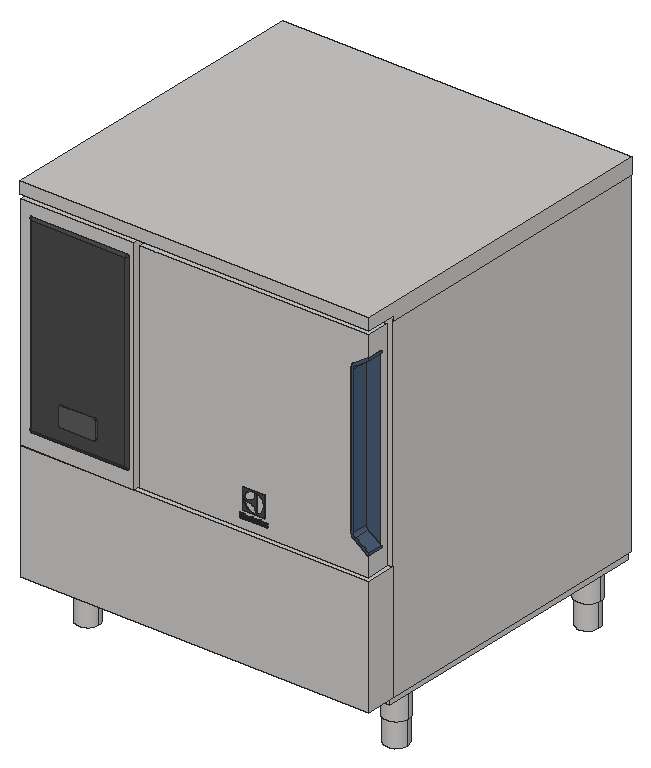
Revit family "QF_ELECTROLUXPROFESSIONAL_725583_EBFA61THE", category Specialty Equipment, Revit 2023
Family settings
  Round Connector Dimension = Use Diameter
  Part Type = Normal
  Work Plane-Based = No
  Enable Cutting in Views = No
  Always vertical = Yes
  Cut with Voids When Loaded = No
  Maintain Annotation Orientation = No
  Shared = No
  Room Calculation Point = No
Parameters
  Weight = 175.00 kg
  Watts = 0 W
  Volts = 380 V
  URL Manufacturer = "http://www.electroluxprofessional.com"
  URL = "http://www.electroluxprofessional.com"
  Steam Supply Size = 0 mm
  Steam Supply Minimum Pressure = 0.0 Pa
  Steam Supply Maximum Pressure = 0.0 Pa
  Steam Pounds per Hour = 0
  Show Logo [instance] = yes
  Show Clearance [instance] = yes
  Refrigeration Suction Line Size = 0 mm
  Refrigeration Liquid Line Size = 0 mm
  Refrigerant Compressor Remote = yes
  Manufacturer = "Electrolux Professional"
  Phase = 3
  Model = "EBFA61THE"
  Length Actual = 897 mm
  Item Number = "725583"
  Hot Water Size = 0 mm
  Height Actual = 1060 mm
  HP = "3.6 HP"
  Gas Size = 0 mm
  Gas KW = 0
  Gas Input Pressure = 0 W
  Direct Waste Size = 139.7 mm
  Description = "SKYLINE CHILLS BLAST CHILLER FREEZER 30/30KG 6 GN 1/1 - WITH TOP - LEFT HINGED DOOR - R290"
  Depth Actual = 937 mm
  Default Elevation = 0 mm
  Cycle = 50 Hz
  Condensate Return Size = 0 mm
  Compressed Air Volume = 0.0 L/s
  Compressed Air Size = 0 mm
  Compressed Air Pressure = 0.0 Pa
  Cold Water Size = 0 mm
  Accessory = no
Reference planes
  plane 1 "Center X": y = 126.851
  plane 2: z = 0
  plane 3 "Center Y": x = -311.5
  plane 4 "LEFT": x = -760
  plane 5 "BACK": y = 548.851
  plane 6 "RIGHT": x = 137
  plane 7 "FRONT": y = -295.149
  plane 8: z = 130
  plane 9 "TOP": z = 1060.038
  plane 10: x = -708
  plane 11: y = 473.851
  plane 12: x = 85
  plane 13: y = -142.149
  plane 14: z = 1020.038
  plane 15: y = 641.851
  plane 16: y = -847.149
Forms (mm)
  Extrusion 1, solid, material "QF_Finishes_Stainless Steel"
    sketch origin (0, 0, 1060.038) x (-1, 0, 0) y (0, -1, 0)
      loop
        line (759, -548.851) -> (759, 216.149) -> (-136, 216.149) -> (-136, -548.851) -> (759, -548.851)
    from -40 to -910.018
  Extrusion 2, void
    sketch origin (-759, -216.149, 1060.038) x (-1, 0, 0) y (0, 0, 1)
      loop
        line (-370.8, -100) -> (-826.8, -100) -> (-826.8, -491.98) -> (-370.8, -491.98) -> (-370.8, -100)
    from 0 to 703
  Extrusion 3, solid, material "QF_Finishes_Stainless Steel"
    sketch origin (-760, -0.954, 0) x (0, 1, 0) y (0, 0, 1)
      loop
        line (549.805, 694.306) -> (549.805, 392.314) -> (635.5, 399.789)
        arc (635.5, 399.789) -> (640.702, 402.354) -> (642.805, 407.759) r 8
        line (642.805, 407.759) -> (642.805, 433.233)
        arc (642.805, 433.233) -> (638.783, 442.547) -> (642.805, 451.86) r 12.795
        line (642.805, 451.86) -> (642.805, 483.24)
        arc (642.805, 483.24) -> (638.783, 492.554) -> (642.805, 501.867) r 12.795
        line (642.805, 501.867) -> (642.805, 533.247)
        arc (642.805, 533.247) -> (638.783, 542.56) -> (642.805, 551.874) r 12.795
        line (642.805, 551.874) -> (642.805, 583.254)
        arc (642.805, 583.254) -> (638.783, 592.567) -> (642.805, 601.881) r 12.795
        line (642.805, 601.881) -> (642.805, 634.796)
        arc (642.805, 634.796) -> (641.466, 639.795) -> (637.808, 643.455) r 10
        line (637.808, 643.455) -> (549.805, 694.306)
    from 123.244 to 306.92
  Extrusion 4, solid, material "QF_Finishes_Stainless Steel"
    sketch origin (-817.599, 548.851, 1060.038) x (1, 0, 0) y (0, 0, -1)
      loop
        circle (121.599, 802.038) r 10.5
    from 0 to 29
  Extrusion 5, solid, material "QF_Finishes_Stainless Steel"
    sketch origin (0, 0, 1060.038) x (-1, 0, 0) y (0, -1, 0)
      loop
        line (759, 295.149) -> (467.2, 295.149) -> (467.2, 217.149) -> (759, 217.149) -> (759, 295.149)
    from -40 to -607
  Extrusion 6, solid, material "QF_Finishes_Stainless Steel"
    sketch origin (-1206.916, -1524, 130) x (-1, 0, 0) y (0, -1, 0)
      loop
        line (-447.916, -1228.851) -> (-1342.916, -1228.851) -> (-1342.916, -1306.851) -> (-447.916, -1306.851) -> (-447.916, -1228.851)
    from 322 to 20.02
  Extrusion 7, solid, material "QF_Finishes_Stainless Steel"
    sketch origin (-311.5, 0, 0) x (0, 1, 0) y (0, 0, 1)
      loop
        line (548.851, 1060.038) -> (-295.149, 1060.038) -> (-295.149, 1030.034) -> (-216.149, 1030.034) -> (-216.149, 1020.038) -> (548.851, 1020.038) -> (548.851, 1060.038)
    from -448.5 to 448.5
  Extrusion 8, solid, material "QF_Finishes_Stainless Steel"
    sketch origin (0, 0, 1060.038) x (-1, 0, 0) y (0, -1, 0)
      loop
        line (748.993, -548.851) -> (748.993, 214.216) -> (-125.993, 214.216) -> (-125.993, -548.851) -> (748.993, -548.851)
    from -910.018 to -930.038
  Extrusion 9, solid, material "QF_Finishes_Stainless Steel"
    sketch origin (0, 0, 130) x (0, -1, 0) y (-1, 0, 0)
      loop
        circle (-215.851, 360) r 9.5
    from 0 to 31.68
  Extrusion 10, void
    sketch origin (0, 0, 1060.038) x (-1, 0, 0) y (0, -1, 0)
      loop
        line (627.033, -641.851) -> (636.756, -641.851) -> (636.756, -548.851) -> (635.125, -548.851) -> (627.033, -641.851)
      loop
        line (454.711, -548.851) -> (453.08, -548.851) -> (453.08, -641.851) -> (462.803, -641.851) -> (454.711, -548.851)
    from -673 to -363
  Extrusion 11, solid, material "QF_Finishes_Stainless Steel"
    sketch origin (-315.205, -295.149, 0) x (1, 0, 0) y (0, 0, -1)
      loop
        line (451.2, -1020.033) -> (451.2, -968.898) -> (414.947, -944.816)
        arc (414.947, -944.816) -> (408.716, -937.969) -> (406.46, -928.989) r 19
        line (406.46, -928.989) -> (406.46, -554.076)
        arc (406.46, -554.076) -> (408.839, -544.616) -> (415.41, -537.406) r 20
        line (415.41, -537.406) -> (451.2, -513.683) -> (451.2, -462.497) -> (-135.995, -462.497) -> (-135.995, -1020.033) -> (451.2, -1020.033)
    from 0 to 60
  Extrusion 12, solid, material "QF_Finishes_Stainless Steel"
    sketch origin (-315.205, -235.149, 0) x (1, 0, 0) y (0, 0, -1)
      loop
        line (406.46, -554.076) -> (406.46, -928.989)
        arc (406.46, -928.989) -> (408.716, -937.969) -> (414.947, -944.816) r 19
        line (414.947, -944.816) -> (451.2, -968.898) -> (451.2, -513.683) -> (415.41, -537.406)
        arc (415.41, -537.406) -> (408.839, -544.616) -> (406.46, -554.076) r 20
    from -21 to 0
  Extrusion 13, solid, material "QF_Finishes_Electrolux_Blue"
    sketch origin (-315.205, -295.149, 0) x (-1, 0, 0) y (0, 0, -1)
      loop
        line (-451.2, -968.898) -> (-414.947, -944.816)
        arc (-414.947, -944.816) -> (-408.716, -937.969) -> (-406.46, -928.989) r 19
        line (-406.46, -928.989) -> (-406.46, -554.076)
        arc (-406.46, -554.076) -> (-408.839, -544.616) -> (-415.41, -537.406) r 20
        line (-415.41, -537.406) -> (-451.2, -513.683) -> (-453.7, -513.683) -> (-453.7, -519.824) -> (-419.001, -542.824)
        arc (-419.001, -542.824) -> (-414.566, -547.691) -> (-412.96, -554.076) r 13.5
        line (-412.96, -554.076) -> (-412.96, -928.989)
        arc (-412.96, -928.989) -> (-414.444, -934.897) -> (-418.543, -939.401) r 12.5
        line (-418.543, -939.401) -> (-453.7, -962.755) -> (-453.7, -968.898) -> (-451.2, -968.898)
    from -39 to 1
  Extrusion 14, solid, material "QF_Door-Drawer Clearances", visible <- "Show Clearance", detail levels coarse
    sketch origin (-458.205, -393.449, 0) x (0, -1, 0) y (0, 0, -1)
      loop
        line (451.2, -1020.033) -> (451.2, -968.898) -> (414.947, -944.816)
        arc (414.947, -944.816) -> (408.716, -937.969) -> (406.46, -928.989) r 19
        line (406.46, -928.989) -> (406.46, -554.076)
        arc (406.46, -554.076) -> (408.839, -544.616) -> (415.41, -537.406) r 20
        line (415.41, -537.406) -> (451.2, -513.683) -> (451.2, -462.497) -> (-98.3, -462.497) -> (-98.3, -1020.033) -> (451.2, -1020.033)
    from 0 to 60
  Extrusion 15, solid, material "QF_Door-Drawer Clearances", visible <- "Show Clearance", detail levels coarse
    sketch origin (-398.205, -393.449, 0) x (0, -1, 0) y (0, 0, -1)
      loop
        line (406.46, -554.076) -> (406.46, -928.989)
        arc (406.46, -928.989) -> (408.716, -937.969) -> (414.947, -944.816) r 19
        line (414.947, -944.816) -> (451.2, -968.898) -> (451.2, -513.683) -> (415.41, -537.406)
        arc (415.41, -537.406) -> (408.839, -544.616) -> (406.46, -554.076) r 20
    from -21 to 0
  Extrusion 16, solid, material "QF_Door-Drawer Clearances", visible <- "Show Clearance", detail levels coarse
    sketch origin (-458.205, -393.449, 0) x (0, 1, 0) y (0, 0, -1)
      loop
        line (-451.2, -968.898) -> (-414.947, -944.816)
        arc (-414.947, -944.816) -> (-408.716, -937.969) -> (-406.46, -928.989) r 19
        line (-406.46, -928.989) -> (-406.46, -554.076)
        arc (-406.46, -554.076) -> (-408.839, -544.616) -> (-415.41, -537.406) r 20
        line (-415.41, -537.406) -> (-451.2, -513.683) -> (-453.7, -513.683) -> (-453.7, -519.824) -> (-419.001, -542.824)
        arc (-419.001, -542.824) -> (-414.566, -547.691) -> (-412.96, -554.076) r 13.5
        line (-412.96, -554.076) -> (-412.96, -928.989)
        arc (-412.96, -928.989) -> (-414.444, -934.897) -> (-418.543, -939.401) r 12.5
        line (-418.543, -939.401) -> (-453.7, -962.755) -> (-453.7, -968.898) -> (-451.2, -968.898)
    from -39 to 1
  Extrusion 17, solid, material "QF_Door-Drawer Clearances", visible <- "Show Clearance", detail levels coarse
    sketch origin (-315.205, 0, 1060.038) x (1, 0, 0) y (0, 1, 0)
      loop
        line (-83, -295.149) -> (-83, -844.649)
        arc (-83, -844.649) -> (290.883, -673.709) -> (451.2, -295.149) r 567.425
        line (451.2, -295.149) -> (-83, -295.149)
    from -597.541 to -40
Cuts and joins
  Extrusion 2 cuts Extrusion 1
  Extrusion 10 cuts Extrusion 3
  joined: Extrusion 1, Extrusion 3, Extrusion 4, Extrusion 7, Extrusion 8, Extrusion 9
  joined: Extrusion 11, Extrusion 12
  joined: Extrusion 14, Extrusion 15, Extrusion 16, Extrusion 17
Lines and regions (mm)
  Split face 1
    outline origin (-489, -295.149, 130) x (-1, 0, 0) y (0, 0, -1)
      loop
        line (-132.388, -290.639) -> (-22.373, -290.639) -> (-22.373, -285.612) -> (-132.388, -285.612) -> (-132.388, -290.639)
  Split face 2
    outline origin (-489, -295.149, 120.528) x (-1, 0, 0) y (0, 0, -1)
      loop
        line (-132.388, -290.639) -> (-22.373, -290.639) -> (-22.373, -285.612) -> (-132.388, -285.612) -> (-132.388, -290.639)
  Split face 3
    outline origin (-489, -295.149, 111.056) x (-1, 0, 0) y (0, 0, -1)
      loop
        line (-132.388, -290.639) -> (-22.373, -290.639) -> (-22.373, -285.612) -> (-132.388, -285.612) -> (-132.388, -290.639)
  Split face 4
    outline origin (-489, -295.149, 101.583) x (-1, 0, 0) y (0, 0, -1)
      loop
        line (-132.388, -290.639) -> (-22.373, -290.639) -> (-22.373, -285.612) -> (-132.388, -285.612) -> (-132.388, -290.639)
  Split face 5
    outline origin (-489, -295.149, 92.111) x (-1, 0, 0) y (0, 0, -1)
      loop
        line (-132.388, -290.639) -> (-22.373, -290.639) -> (-22.373, -285.612) -> (-132.388, -285.612) -> (-132.388, -290.639)
  Split face 6
    outline origin (-489, -295.149, 82.639) x (-1, 0, 0) y (0, 0, -1)
      loop
        line (-132.388, -290.639) -> (-22.373, -290.639) -> (-22.373, -285.612) -> (-132.388, -285.612) -> (-132.388, -290.639)
  Split face 7
    outline origin (-489, -295.149, 73.167) x (-1, 0, 0) y (0, 0, -1)
      loop
        line (-132.388, -290.639) -> (-22.373, -290.639) -> (-22.373, -285.612) -> (-132.388, -285.612) -> (-132.388, -290.639)
  Split face 8
    outline origin (-489, -295.149, 63.695) x (-1, 0, 0) y (0, 0, -1)
      loop
        line (-132.388, -290.639) -> (-22.373, -290.639) -> (-22.373, -285.612) -> (-132.388, -285.612) -> (-132.388, -290.639)
  Split face 9
    outline origin (-489, -295.149, 54.223) x (-1, 0, 0) y (0, 0, -1)
      loop
        line (-132.388, -290.639) -> (-22.373, -290.639) -> (-22.373, -285.612) -> (-132.388, -285.612) -> (-132.388, -290.639)
  Split face 10
    outline origin (-489, -295.149, 44.75) x (-1, 0, 0) y (0, 0, -1)
      loop
        line (-132.388, -290.639) -> (-22.373, -290.639) -> (-22.373, -285.612) -> (-132.388, -285.612) -> (-132.388, -290.639)
  Split face 11
    outline origin (-489, -295.149, 35.278) x (-1, 0, 0) y (0, 0, -1)
      loop
        line (-132.388, -290.639) -> (-22.373, -290.639) -> (-22.373, -285.612) -> (-132.388, -285.612) -> (-132.388, -290.639)
  Split face 12
    outline origin (-489, -295.149, 25.806) x (-1, 0, 0) y (0, 0, -1)
      loop
        line (-132.388, -290.639) -> (-22.373, -290.639) -> (-22.373, -285.612) -> (-132.388, -285.612) -> (-132.388, -290.639)
  Split face 13
    outline origin (-489, -295.149, 16.334) x (-1, 0, 0) y (0, 0, -1)
      loop
        line (-132.388, -290.639) -> (-22.373, -290.639) -> (-22.373, -285.612) -> (-132.388, -285.612) -> (-132.388, -290.639)
  Split face 14
    outline origin (-489, -295.149, 6.862) x (-1, 0, 0) y (0, 0, -1)
      loop
        line (-132.388, -290.639) -> (-22.373, -290.639) -> (-22.373, -285.612) -> (-132.388, -285.612) -> (-132.388, -290.639)
  Split face 15
    outline origin (-489, -295.149, -2.611) x (-1, 0, 0) y (0, 0, -1)
      loop
        line (-132.388, -290.639) -> (-22.373, -290.639) -> (-22.373, -285.612) -> (-132.388, -285.612) -> (-132.388, -290.639)
  Split face 16
    outline origin (-489, -295.149, -12.083) x (-1, 0, 0) y (0, 0, -1)
      loop
        line (-132.388, -290.639) -> (-22.373, -290.639) -> (-22.373, -285.612) -> (-132.388, -285.612) -> (-132.388, -290.639)
  Split face 17
    outline origin (-489, -295.149, -21.555) x (-1, 0, 0) y (0, 0, -1)
      loop
        line (-132.388, -290.639) -> (-22.373, -290.639) -> (-22.373, -285.612) -> (-132.388, -285.612) -> (-132.388, -290.639)
  Split face 18
    outline origin (-489, -295.149, -31.027) x (-1, 0, 0) y (0, 0, -1)
      loop
        line (-132.388, -290.639) -> (-22.373, -290.639) -> (-22.373, -285.612) -> (-132.388, -285.612) -> (-132.388, -290.639)
  Split face 19
    outline origin (-489, -295.149, -40.499) x (-1, 0, 0) y (0, 0, -1)
      loop
        line (-132.388, -290.639) -> (-22.373, -290.639) -> (-22.373, -285.612) -> (-132.388, -285.612) -> (-132.388, -290.639)
  Split face 20
    outline origin (-489, -295.149, -49.972) x (-1, 0, 0) y (0, 0, -1)
      loop
        line (-132.388, -290.639) -> (-22.373, -290.639) -> (-22.373, -285.612) -> (-132.388, -285.612) -> (-132.388, -290.639)
  Split face 21
    outline origin (-489, -295.149, -59.444) x (-1, 0, 0) y (0, 0, -1)
      loop
        line (-132.388, -290.639) -> (-22.373, -290.639) -> (-22.373, -285.612) -> (-132.388, -285.612) -> (-132.388, -290.639)
  Split face 22
    outline origin (-489, -295.149, -68.916) x (-1, 0, 0) y (0, 0, -1)
      loop
        line (-132.388, -290.639) -> (-22.373, -290.639) -> (-22.373, -285.612) -> (-132.388, -285.612) -> (-132.388, -290.639)
  Split face 23
    outline origin (-489, -295.149, -78.388) x (-1, 0, 0) y (0, 0, -1)
      loop
        line (-132.388, -290.639) -> (-22.373, -290.639) -> (-22.373, -285.612) -> (-132.388, -285.612) -> (-132.388, -290.639)
  Split face 24
    outline origin (-489, -295.149, -87.86) x (-1, 0, 0) y (0, 0, -1)
      loop
        line (-132.388, -290.639) -> (-22.373, -290.639) -> (-22.373, -285.612) -> (-132.388, -285.612) -> (-132.388, -290.639)
  Split face 25
    outline origin (-489, -295.149, -97.332) x (-1, 0, 0) y (0, 0, -1)
      loop
        line (-132.388, -290.639) -> (-22.373, -290.639) -> (-22.373, -285.612) -> (-132.388, -285.612) -> (-132.388, -290.639)
  Split face 26
    outline origin (-489, -295.149, -106.805) x (-1, 0, 0) y (0, 0, -1)
      loop
        line (-132.388, -290.639) -> (-22.373, -290.639) -> (-22.373, -285.612) -> (-132.388, -285.612) -> (-132.388, -290.639)
  Split face 27
    outline origin (-373.984, -295.149, 130) x (-1, 0, 0) y (0, 0, -1)
      loop
        line (-132.388, -290.639) -> (-22.373, -290.639) -> (-22.373, -285.612) -> (-132.388, -285.612) -> (-132.388, -290.639)
  Split face 28
    outline origin (-373.984, -295.149, 120.528) x (-1, 0, 0) y (0, 0, -1)
      loop
        line (-132.388, -290.639) -> (-22.373, -290.639) -> (-22.373, -285.612) -> (-132.388, -285.612) -> (-132.388, -290.639)
  Split face 29
    outline origin (-373.984, -295.149, 111.056) x (-1, 0, 0) y (0, 0, -1)
      loop
        line (-132.388, -290.639) -> (-22.373, -290.639) -> (-22.373, -285.612) -> (-132.388, -285.612) -> (-132.388, -290.639)
  Split face 30
    outline origin (-373.984, -295.149, 101.583) x (-1, 0, 0) y (0, 0, -1)
      loop
        line (-132.388, -290.639) -> (-22.373, -290.639) -> (-22.373, -285.612) -> (-132.388, -285.612) -> (-132.388, -290.639)
  Split face 31
    outline origin (-373.984, -295.149, 92.111) x (-1, 0, 0) y (0, 0, -1)
      loop
        line (-132.388, -290.639) -> (-22.373, -290.639) -> (-22.373, -285.612) -> (-132.388, -285.612) -> (-132.388, -290.639)
  Split face 32
    outline origin (-373.984, -295.149, 82.639) x (-1, 0, 0) y (0, 0, -1)
      loop
        line (-132.388, -290.639) -> (-22.373, -290.639) -> (-22.373, -285.612) -> (-132.388, -285.612) -> (-132.388, -290.639)
  Split face 33
    outline origin (-373.984, -295.149, 73.167) x (-1, 0, 0) y (0, 0, -1)
      loop
        line (-132.388, -290.639) -> (-22.373, -290.639) -> (-22.373, -285.612) -> (-132.388, -285.612) -> (-132.388, -290.639)
  Split face 34
    outline origin (-373.984, -295.149, 63.695) x (-1, 0, 0) y (0, 0, -1)
      loop
        line (-132.388, -290.639) -> (-22.373, -290.639) -> (-22.373, -285.612) -> (-132.388, -285.612) -> (-132.388, -290.639)
  Split face 35
    outline origin (-373.984, -295.149, 54.223) x (-1, 0, 0) y (0, 0, -1)
      loop
        line (-132.388, -290.639) -> (-22.373, -290.639) -> (-22.373, -285.612) -> (-132.388, -285.612) -> (-132.388, -290.639)
  Split face 36
    outline origin (-373.984, -295.149, 44.75) x (-1, 0, 0) y (0, 0, -1)
      loop
        line (-132.388, -290.639) -> (-22.373, -290.639) -> (-22.373, -285.612) -> (-132.388, -285.612) -> (-132.388, -290.639)
  Split face 37
    outline origin (-373.984, -295.149, 35.278) x (-1, 0, 0) y (0, 0, -1)
      loop
        line (-132.388, -290.639) -> (-22.373, -290.639) -> (-22.373, -285.612) -> (-132.388, -285.612) -> (-132.388, -290.639)
  Split face 38
    outline origin (-373.984, -295.149, 25.806) x (-1, 0, 0) y (0, 0, -1)
      loop
        line (-132.388, -290.639) -> (-22.373, -290.639) -> (-22.373, -285.612) -> (-132.388, -285.612) -> (-132.388, -290.639)
  Split face 39
    outline origin (-373.984, -295.149, 16.334) x (-1, 0, 0) y (0, 0, -1)
      loop
        line (-132.388, -290.639) -> (-22.373, -290.639) -> (-22.373, -285.612) -> (-132.388, -285.612) -> (-132.388, -290.639)
  Split face 40
    outline origin (-373.984, -295.149, 6.862) x (-1, 0, 0) y (0, 0, -1)
      loop
        line (-132.388, -290.639) -> (-22.373, -290.639) -> (-22.373, -285.612) -> (-132.388, -285.612) -> (-132.388, -290.639)
  Split face 41
    outline origin (-373.984, -295.149, -2.611) x (-1, 0, 0) y (0, 0, -1)
      loop
        line (-132.388, -290.639) -> (-22.373, -290.639) -> (-22.373, -285.612) -> (-132.388, -285.612) -> (-132.388, -290.639)
  Split face 42
    outline origin (-373.984, -295.149, -12.083) x (-1, 0, 0) y (0, 0, -1)
      loop
        line (-132.388, -290.639) -> (-22.373, -290.639) -> (-22.373, -285.612) -> (-132.388, -285.612) -> (-132.388, -290.639)
  Split face 43
    outline origin (-373.984, -295.149, -21.555) x (-1, 0, 0) y (0, 0, -1)
      loop
        line (-132.388, -290.639) -> (-22.373, -290.639) -> (-22.373, -285.612) -> (-132.388, -285.612) -> (-132.388, -290.639)
  Split face 44
    outline origin (-373.984, -295.149, -31.027) x (-1, 0, 0) y (0, 0, -1)
      loop
        line (-132.388, -290.639) -> (-22.373, -290.639) -> (-22.373, -285.612) -> (-132.388, -285.612) -> (-132.388, -290.639)
  Split face 45
    outline origin (-373.984, -295.149, -40.499) x (-1, 0, 0) y (0, 0, -1)
      loop
        line (-132.388, -290.639) -> (-22.373, -290.639) -> (-22.373, -285.612) -> (-132.388, -285.612) -> (-132.388, -290.639)
  Split face 46
    outline origin (-373.984, -295.149, -49.972) x (-1, 0, 0) y (0, 0, -1)
      loop
        line (-132.388, -290.639) -> (-22.373, -290.639) -> (-22.373, -285.612) -> (-132.388, -285.612) -> (-132.388, -290.639)
  Split face 47
    outline origin (-373.984, -295.149, -59.444) x (-1, 0, 0) y (0, 0, -1)
      loop
        line (-132.388, -290.639) -> (-22.373, -290.639) -> (-22.373, -285.612) -> (-132.388, -285.612) -> (-132.388, -290.639)
  Split face 48
    outline origin (-373.984, -295.149, -68.916) x (-1, 0, 0) y (0, 0, -1)
      loop
        line (-132.388, -290.639) -> (-22.373, -290.639) -> (-22.373, -285.612) -> (-132.388, -285.612) -> (-132.388, -290.639)
  Split face 49
    outline origin (-373.984, -295.149, -78.388) x (-1, 0, 0) y (0, 0, -1)
      loop
        line (-132.388, -290.639) -> (-22.373, -290.639) -> (-22.373, -285.612) -> (-132.388, -285.612) -> (-132.388, -290.639)
  Split face 50
    outline origin (-373.984, -295.149, -87.86) x (-1, 0, 0) y (0, 0, -1)
      loop
        line (-132.388, -290.639) -> (-22.373, -290.639) -> (-22.373, -285.612) -> (-132.388, -285.612) -> (-132.388, -290.639)
  Split face 51
    outline origin (-373.984, -295.149, -97.332) x (-1, 0, 0) y (0, 0, -1)
      loop
        line (-132.388, -290.639) -> (-22.373, -290.639) -> (-22.373, -285.612) -> (-132.388, -285.612) -> (-132.388, -290.639)
  Split face 52
    outline origin (-373.984, -295.149, -106.805) x (-1, 0, 0) y (0, 0, -1)
      loop
        line (-132.388, -290.639) -> (-22.373, -290.639) -> (-22.373, -285.612) -> (-132.388, -285.612) -> (-132.388, -290.639)
  Split face 53
    outline origin (-258.969, -295.149, 130) x (-1, 0, 0) y (0, 0, -1)
      loop
        line (-132.388, -290.639) -> (-22.373, -290.639) -> (-22.373, -285.612) -> (-132.388, -285.612) -> (-132.388, -290.639)
  Split face 54
    outline origin (-258.969, -295.149, 120.528) x (-1, 0, 0) y (0, 0, -1)
      loop
        line (-132.388, -290.639) -> (-22.373, -290.639) -> (-22.373, -285.612) -> (-132.388, -285.612) -> (-132.388, -290.639)
  Split face 55
    outline origin (-258.969, -295.149, 111.056) x (-1, 0, 0) y (0, 0, -1)
      loop
        line (-132.388, -290.639) -> (-22.373, -290.639) -> (-22.373, -285.612) -> (-132.388, -285.612) -> (-132.388, -290.639)
  Split face 56
    outline origin (-258.969, -295.149, 101.583) x (-1, 0, 0) y (0, 0, -1)
      loop
        line (-132.388, -290.639) -> (-22.373, -290.639) -> (-22.373, -285.612) -> (-132.388, -285.612) -> (-132.388, -290.639)
  Split face 57
    outline origin (-258.969, -295.149, 92.111) x (-1, 0, 0) y (0, 0, -1)
      loop
        line (-132.388, -290.639) -> (-22.373, -290.639) -> (-22.373, -285.612) -> (-132.388, -285.612) -> (-132.388, -290.639)
  Split face 58
    outline origin (-258.969, -295.149, 82.639) x (-1, 0, 0) y (0, 0, -1)
      loop
        line (-132.388, -290.639) -> (-22.373, -290.639) -> (-22.373, -285.612) -> (-132.388, -285.612) -> (-132.388, -290.639)
  Split face 59
    outline origin (-258.969, -295.149, 73.167) x (-1, 0, 0) y (0, 0, -1)
      loop
        line (-132.388, -290.639) -> (-22.373, -290.639) -> (-22.373, -285.612) -> (-132.388, -285.612) -> (-132.388, -290.639)
  Split face 60
    outline origin (-258.969, -295.149, 63.695) x (-1, 0, 0) y (0, 0, -1)
      loop
        line (-132.388, -290.639) -> (-22.373, -290.639) -> (-22.373, -285.612) -> (-132.388, -285.612) -> (-132.388, -290.639)
  Split face 61
    outline origin (-258.969, -295.149, 54.223) x (-1, 0, 0) y (0, 0, -1)
      loop
        line (-132.388, -290.639) -> (-22.373, -290.639) -> (-22.373, -285.612) -> (-132.388, -285.612) -> (-132.388, -290.639)
  Split face 62
    outline origin (-258.969, -295.149, 44.75) x (-1, 0, 0) y (0, 0, -1)
      loop
        line (-132.388, -290.639) -> (-22.373, -290.639) -> (-22.373, -285.612) -> (-132.388, -285.612) -> (-132.388, -290.639)
  Split face 63
    outline origin (-258.969, -295.149, 35.278) x (-1, 0, 0) y (0, 0, -1)
      loop
        line (-132.388, -290.639) -> (-22.373, -290.639) -> (-22.373, -285.612) -> (-132.388, -285.612) -> (-132.388, -290.639)
  Split face 64
    outline origin (-258.969, -295.149, 25.806) x (-1, 0, 0) y (0, 0, -1)
      loop
        line (-132.388, -290.639) -> (-22.373, -290.639) -> (-22.373, -285.612) -> (-132.388, -285.612) -> (-132.388, -290.639)
  Split face 65
    outline origin (-258.969, -295.149, 16.334) x (-1, 0, 0) y (0, 0, -1)
      loop
        line (-132.388, -290.639) -> (-22.373, -290.639) -> (-22.373, -285.612) -> (-132.388, -285.612) -> (-132.388, -290.639)
  Split face 66
    outline origin (-258.969, -295.149, 6.862) x (-1, 0, 0) y (0, 0, -1)
      loop
        line (-132.388, -290.639) -> (-22.373, -290.639) -> (-22.373, -285.612) -> (-132.388, -285.612) -> (-132.388, -290.639)
  Split face 67
    outline origin (-258.969, -295.149, -2.611) x (-1, 0, 0) y (0, 0, -1)
      loop
        line (-132.388, -290.639) -> (-22.373, -290.639) -> (-22.373, -285.612) -> (-132.388, -285.612) -> (-132.388, -290.639)
  Split face 68
    outline origin (-258.969, -295.149, -12.083) x (-1, 0, 0) y (0, 0, -1)
      loop
        line (-132.388, -290.639) -> (-22.373, -290.639) -> (-22.373, -285.612) -> (-132.388, -285.612) -> (-132.388, -290.639)
  Split face 69
    outline origin (-258.969, -295.149, -21.555) x (-1, 0, 0) y (0, 0, -1)
      loop
        line (-132.388, -290.639) -> (-22.373, -290.639) -> (-22.373, -285.612) -> (-132.388, -285.612) -> (-132.388, -290.639)
  Split face 70
    outline origin (-258.969, -295.149, -31.027) x (-1, 0, 0) y (0, 0, -1)
      loop
        line (-132.388, -290.639) -> (-22.373, -290.639) -> (-22.373, -285.612) -> (-132.388, -285.612) -> (-132.388, -290.639)
  Split face 71
    outline origin (-258.969, -295.149, -40.499) x (-1, 0, 0) y (0, 0, -1)
      loop
        line (-132.388, -290.639) -> (-22.373, -290.639) -> (-22.373, -285.612) -> (-132.388, -285.612) -> (-132.388, -290.639)
  Split face 72
    outline origin (-258.969, -295.149, -49.972) x (-1, 0, 0) y (0, 0, -1)
      loop
        line (-132.388, -290.639) -> (-22.373, -290.639) -> (-22.373, -285.612) -> (-132.388, -285.612) -> (-132.388, -290.639)
  Split face 73
    outline origin (-258.969, -295.149, -59.444) x (-1, 0, 0) y (0, 0, -1)
      loop
        line (-132.388, -290.639) -> (-22.373, -290.639) -> (-22.373, -285.612) -> (-132.388, -285.612) -> (-132.388, -290.639)
  Split face 74
    outline origin (-258.969, -295.149, -68.916) x (-1, 0, 0) y (0, 0, -1)
      loop
        line (-132.388, -290.639) -> (-22.373, -290.639) -> (-22.373, -285.612) -> (-132.388, -285.612) -> (-132.388, -290.639)
  Split face 75
    outline origin (-258.969, -295.149, -78.388) x (-1, 0, 0) y (0, 0, -1)
      loop
        line (-132.388, -290.639) -> (-22.373, -290.639) -> (-22.373, -285.612) -> (-132.388, -285.612) -> (-132.388, -290.639)
  Split face 76
    outline origin (-258.969, -295.149, -87.86) x (-1, 0, 0) y (0, 0, -1)
      loop
        line (-132.388, -290.639) -> (-22.373, -290.639) -> (-22.373, -285.612) -> (-132.388, -285.612) -> (-132.388, -290.639)
  Split face 77
    outline origin (-258.969, -295.149, -97.332) x (-1, 0, 0) y (0, 0, -1)
      loop
        line (-132.388, -290.639) -> (-22.373, -290.639) -> (-22.373, -285.612) -> (-132.388, -285.612) -> (-132.388, -290.639)
  Split face 78
    outline origin (-258.969, -295.149, -106.805) x (-1, 0, 0) y (0, 0, -1)
      loop
        line (-132.388, -290.639) -> (-22.373, -290.639) -> (-22.373, -285.612) -> (-132.388, -285.612) -> (-132.388, -290.639)
  Split face 79
    outline origin (-143.953, -295.149, 130) x (-1, 0, 0) y (0, 0, -1)
      loop
        line (-132.388, -290.639) -> (-22.373, -290.639) -> (-22.373, -285.612) -> (-132.388, -285.612) -> (-132.388, -290.639)
  Split face 80
    outline origin (-143.953, -295.149, 120.528) x (-1, 0, 0) y (0, 0, -1)
      loop
        line (-132.388, -290.639) -> (-22.373, -290.639) -> (-22.373, -285.612) -> (-132.388, -285.612) -> (-132.388, -290.639)
  Split face 81
    outline origin (-143.953, -295.149, 111.056) x (-1, 0, 0) y (0, 0, -1)
      loop
        line (-132.388, -290.639) -> (-22.373, -290.639) -> (-22.373, -285.612) -> (-132.388, -285.612) -> (-132.388, -290.639)
  Split face 82
    outline origin (-143.953, -295.149, 101.583) x (-1, 0, 0) y (0, 0, -1)
      loop
        line (-132.388, -290.639) -> (-22.373, -290.639) -> (-22.373, -285.612) -> (-132.388, -285.612) -> (-132.388, -290.639)
  Split face 83
    outline origin (-143.953, -295.149, 92.111) x (-1, 0, 0) y (0, 0, -1)
      loop
        line (-132.388, -290.639) -> (-22.373, -290.639) -> (-22.373, -285.612) -> (-132.388, -285.612) -> (-132.388, -290.639)
  Split face 84
    outline origin (-143.953, -295.149, 82.639) x (-1, 0, 0) y (0, 0, -1)
      loop
        line (-132.388, -290.639) -> (-22.373, -290.639) -> (-22.373, -285.612) -> (-132.388, -285.612) -> (-132.388, -290.639)
  Split face 85
    outline origin (-143.953, -295.149, 73.167) x (-1, 0, 0) y (0, 0, -1)
      loop
        line (-132.388, -290.639) -> (-22.373, -290.639) -> (-22.373, -285.612) -> (-132.388, -285.612) -> (-132.388, -290.639)
  Split face 86
    outline origin (-143.953, -295.149, 63.695) x (-1, 0, 0) y (0, 0, -1)
      loop
        line (-132.388, -290.639) -> (-22.373, -290.639) -> (-22.373, -285.612) -> (-132.388, -285.612) -> (-132.388, -290.639)
  Split face 87
    outline origin (-143.953, -295.149, 54.223) x (-1, 0, 0) y (0, 0, -1)
      loop
        line (-132.388, -290.639) -> (-22.373, -290.639) -> (-22.373, -285.612) -> (-132.388, -285.612) -> (-132.388, -290.639)
  Split face 88
    outline origin (-143.953, -295.149, 44.75) x (-1, 0, 0) y (0, 0, -1)
      loop
        line (-132.388, -290.639) -> (-22.373, -290.639) -> (-22.373, -285.612) -> (-132.388, -285.612) -> (-132.388, -290.639)
  Split face 89
    outline origin (-143.953, -295.149, 35.278) x (-1, 0, 0) y (0, 0, -1)
      loop
        line (-132.388, -290.639) -> (-22.373, -290.639) -> (-22.373, -285.612) -> (-132.388, -285.612) -> (-132.388, -290.639)
  Split face 90
    outline origin (-143.953, -295.149, 25.806) x (-1, 0, 0) y (0, 0, -1)
      loop
        line (-132.388, -290.639) -> (-22.373, -290.639) -> (-22.373, -285.612) -> (-132.388, -285.612) -> (-132.388, -290.639)
  Split face 91
    outline origin (-143.953, -295.149, 16.334) x (-1, 0, 0) y (0, 0, -1)
      loop
        line (-132.388, -290.639) -> (-22.373, -290.639) -> (-22.373, -285.612) -> (-132.388, -285.612) -> (-132.388, -290.639)
  Split face 92
    outline origin (-143.953, -295.149, 6.862) x (-1, 0, 0) y (0, 0, -1)
      loop
        line (-132.388, -290.639) -> (-22.373, -290.639) -> (-22.373, -285.612) -> (-132.388, -285.612) -> (-132.388, -290.639)
  Split face 93
    outline origin (-143.953, -295.149, -2.611) x (-1, 0, 0) y (0, 0, -1)
      loop
        line (-132.388, -290.639) -> (-22.373, -290.639) -> (-22.373, -285.612) -> (-132.388, -285.612) -> (-132.388, -290.639)
  Split face 94
    outline origin (-143.953, -295.149, -12.083) x (-1, 0, 0) y (0, 0, -1)
      loop
        line (-132.388, -290.639) -> (-22.373, -290.639) -> (-22.373, -285.612) -> (-132.388, -285.612) -> (-132.388, -290.639)
  Split face 95
    outline origin (-143.953, -295.149, -21.555) x (-1, 0, 0) y (0, 0, -1)
      loop
        line (-132.388, -290.639) -> (-22.373, -290.639) -> (-22.373, -285.612) -> (-132.388, -285.612) -> (-132.388, -290.639)
  Split face 96
    outline origin (-143.953, -295.149, -31.027) x (-1, 0, 0) y (0, 0, -1)
      loop
        line (-132.388, -290.639) -> (-22.373, -290.639) -> (-22.373, -285.612) -> (-132.388, -285.612) -> (-132.388, -290.639)
  Split face 97
    outline origin (-143.953, -295.149, -40.499) x (-1, 0, 0) y (0, 0, -1)
      loop
        line (-132.388, -290.639) -> (-22.373, -290.639) -> (-22.373, -285.612) -> (-132.388, -285.612) -> (-132.388, -290.639)
  Split face 98
    outline origin (-143.953, -295.149, -49.972) x (-1, 0, 0) y (0, 0, -1)
      loop
        line (-132.388, -290.639) -> (-22.373, -290.639) -> (-22.373, -285.612) -> (-132.388, -285.612) -> (-132.388, -290.639)
  Split face 99
    outline origin (-143.953, -295.149, -59.444) x (-1, 0, 0) y (0, 0, -1)
      loop
        line (-132.388, -290.639) -> (-22.373, -290.639) -> (-22.373, -285.612) -> (-132.388, -285.612) -> (-132.388, -290.639)
  Split face 100
    outline origin (-143.953, -295.149, -68.916) x (-1, 0, 0) y (0, 0, -1)
      loop
        line (-132.388, -290.639) -> (-22.373, -290.639) -> (-22.373, -285.612) -> (-132.388, -285.612) -> (-132.388, -290.639)
  Split face 101
    outline origin (-143.953, -295.149, -78.388) x (-1, 0, 0) y (0, 0, -1)
      loop
        line (-132.388, -290.639) -> (-22.373, -290.639) -> (-22.373, -285.612) -> (-132.388, -285.612) -> (-132.388, -290.639)
  Split face 102
    outline origin (-143.953, -295.149, -87.86) x (-1, 0, 0) y (0, 0, -1)
      loop
        line (-132.388, -290.639) -> (-22.373, -290.639) -> (-22.373, -285.612) -> (-132.388, -285.612) -> (-132.388, -290.639)
  Split face 103
    outline origin (-143.953, -295.149, -97.332) x (-1, 0, 0) y (0, 0, -1)
      loop
        line (-132.388, -290.639) -> (-22.373, -290.639) -> (-22.373, -285.612) -> (-132.388, -285.612) -> (-132.388, -290.639)
  Split face 104
    outline origin (-143.953, -295.149, -106.805) x (-1, 0, 0) y (0, 0, -1)
      loop
        line (-132.388, -290.639) -> (-22.373, -290.639) -> (-22.373, -285.612) -> (-132.388, -285.612) -> (-132.388, -290.639)
  Split face 105
    outline origin (-28.938, -295.149, 130) x (-1, 0, 0) y (0, 0, -1)
      loop
        line (-132.388, -290.639) -> (-22.373, -290.639) -> (-22.373, -285.612) -> (-132.388, -285.612) -> (-132.388, -290.639)
  Split face 106
    outline origin (-28.938, -295.149, 120.528) x (-1, 0, 0) y (0, 0, -1)
      loop
        line (-132.388, -290.639) -> (-22.373, -290.639) -> (-22.373, -285.612) -> (-132.388, -285.612) -> (-132.388, -290.639)
  Split face 107
    outline origin (-28.938, -295.149, 111.056) x (-1, 0, 0) y (0, 0, -1)
      loop
        line (-132.388, -290.639) -> (-22.373, -290.639) -> (-22.373, -285.612) -> (-132.388, -285.612) -> (-132.388, -290.639)
  Split face 108
    outline origin (-28.938, -295.149, 101.583) x (-1, 0, 0) y (0, 0, -1)
      loop
        line (-132.388, -290.639) -> (-22.373, -290.639) -> (-22.373, -285.612) -> (-132.388, -285.612) -> (-132.388, -290.639)
  Split face 109
    outline origin (-28.938, -295.149, 92.111) x (-1, 0, 0) y (0, 0, -1)
      loop
        line (-132.388, -290.639) -> (-22.373, -290.639) -> (-22.373, -285.612) -> (-132.388, -285.612) -> (-132.388, -290.639)
  Split face 110
    outline origin (-28.938, -295.149, 82.639) x (-1, 0, 0) y (0, 0, -1)
      loop
        line (-132.388, -290.639) -> (-22.373, -290.639) -> (-22.373, -285.612) -> (-132.388, -285.612) -> (-132.388, -290.639)
  Split face 111
    outline origin (-28.938, -295.149, 73.167) x (-1, 0, 0) y (0, 0, -1)
      loop
        line (-132.388, -290.639) -> (-22.373, -290.639) -> (-22.373, -285.612) -> (-132.388, -285.612) -> (-132.388, -290.639)
  Split face 112
    outline origin (-28.938, -295.149, 63.695) x (-1, 0, 0) y (0, 0, -1)
      loop
        line (-132.388, -290.639) -> (-22.373, -290.639) -> (-22.373, -285.612) -> (-132.388, -285.612) -> (-132.388, -290.639)
  Split face 113
    outline origin (-28.938, -295.149, 54.223) x (-1, 0, 0) y (0, 0, -1)
      loop
        line (-132.388, -290.639) -> (-22.373, -290.639) -> (-22.373, -285.612) -> (-132.388, -285.612) -> (-132.388, -290.639)
  Split face 114
    outline origin (-28.938, -295.149, 44.75) x (-1, 0, 0) y (0, 0, -1)
      loop
        line (-132.388, -290.639) -> (-22.373, -290.639) -> (-22.373, -285.612) -> (-132.388, -285.612) -> (-132.388, -290.639)
  Split face 115
    outline origin (-28.938, -295.149, 35.278) x (-1, 0, 0) y (0, 0, -1)
      loop
        line (-132.388, -290.639) -> (-22.373, -290.639) -> (-22.373, -285.612) -> (-132.388, -285.612) -> (-132.388, -290.639)
  Split face 116
    outline origin (-28.938, -295.149, 25.806) x (-1, 0, 0) y (0, 0, -1)
      loop
        line (-132.388, -290.639) -> (-22.373, -290.639) -> (-22.373, -285.612) -> (-132.388, -285.612) -> (-132.388, -290.639)
  Split face 117
    outline origin (-28.938, -295.149, 16.334) x (-1, 0, 0) y (0, 0, -1)
      loop
        line (-132.388, -290.639) -> (-22.373, -290.639) -> (-22.373, -285.612) -> (-132.388, -285.612) -> (-132.388, -290.639)
  Split face 118
    outline origin (-28.938, -295.149, 6.862) x (-1, 0, 0) y (0, 0, -1)
      loop
        line (-132.388, -290.639) -> (-22.373, -290.639) -> (-22.373, -285.612) -> (-132.388, -285.612) -> (-132.388, -290.639)
  Split face 119
    outline origin (-28.938, -295.149, -2.611) x (-1, 0, 0) y (0, 0, -1)
      loop
        line (-132.388, -290.639) -> (-22.373, -290.639) -> (-22.373, -285.612) -> (-132.388, -285.612) -> (-132.388, -290.639)
  Split face 120
    outline origin (-28.938, -295.149, -12.083) x (-1, 0, 0) y (0, 0, -1)
      loop
        line (-132.388, -290.639) -> (-22.373, -290.639) -> (-22.373, -285.612) -> (-132.388, -285.612) -> (-132.388, -290.639)
  Split face 121
    outline origin (-28.938, -295.149, -21.555) x (-1, 0, 0) y (0, 0, -1)
      loop
        line (-132.388, -290.639) -> (-22.373, -290.639) -> (-22.373, -285.612) -> (-132.388, -285.612) -> (-132.388, -290.639)
  Split face 122
    outline origin (-28.938, -295.149, -31.027) x (-1, 0, 0) y (0, 0, -1)
      loop
        line (-132.388, -290.639) -> (-22.373, -290.639) -> (-22.373, -285.612) -> (-132.388, -285.612) -> (-132.388, -290.639)
  Split face 123
    outline origin (-28.938, -295.149, -40.499) x (-1, 0, 0) y (0, 0, -1)
      loop
        line (-132.388, -290.639) -> (-22.373, -290.639) -> (-22.373, -285.612) -> (-132.388, -285.612) -> (-132.388, -290.639)
  Split face 124
    outline origin (-28.938, -295.149, -49.972) x (-1, 0, 0) y (0, 0, -1)
      loop
        line (-132.388, -290.639) -> (-22.373, -290.639) -> (-22.373, -285.612) -> (-132.388, -285.612) -> (-132.388, -290.639)
  Split face 125
    outline origin (-28.938, -295.149, -59.444) x (-1, 0, 0) y (0, 0, -1)
      loop
        line (-132.388, -290.639) -> (-22.373, -290.639) -> (-22.373, -285.612) -> (-132.388, -285.612) -> (-132.388, -290.639)
  Split face 126
    outline origin (-28.938, -295.149, -68.916) x (-1, 0, 0) y (0, 0, -1)
      loop
        line (-132.388, -290.639) -> (-22.373, -290.639) -> (-22.373, -285.612) -> (-132.388, -285.612) -> (-132.388, -290.639)
  Split face 127
    outline origin (-28.938, -295.149, -78.388) x (-1, 0, 0) y (0, 0, -1)
      loop
        line (-132.388, -290.639) -> (-22.373, -290.639) -> (-22.373, -285.612) -> (-132.388, -285.612) -> (-132.388, -290.639)
  Split face 128
    outline origin (-28.938, -295.149, -87.86) x (-1, 0, 0) y (0, 0, -1)
      loop
        line (-132.388, -290.639) -> (-22.373, -290.639) -> (-22.373, -285.612) -> (-132.388, -285.612) -> (-132.388, -290.639)
  Split face 129
    outline origin (-28.938, -295.149, -97.332) x (-1, 0, 0) y (0, 0, -1)
      loop
        line (-132.388, -290.639) -> (-22.373, -290.639) -> (-22.373, -285.612) -> (-132.388, -285.612) -> (-132.388, -290.639)
  Split face 130
    outline origin (-28.938, -295.149, -106.805) x (-1, 0, 0) y (0, 0, -1)
      loop
        line (-132.388, -290.639) -> (-22.373, -290.639) -> (-22.373, -285.612) -> (-132.388, -285.612) -> (-132.388, -290.639)
  symbolic lines
    curve 1: line (-760, 548.851, 1060.038) -> (137, 548.851, 1060.038)
    curve 2: line (-760, -295.149, 1060.038) -> (-760, 548.851, 1060.038)
    curve 3: line (137, -295.149, 1060.038) -> (-760, -295.149, 1060.038)
    curve 4: line (137, 548.851, 1060.038) -> (137, -295.149, 1060.038)
    curve 5: line (-725.5, -300.149, 1060.038) -> (-487.5, -300.149, 1060.038)
    curve 6: line (-487.5, -300.149, 1060.038) -> (-479.5, -295.149, 1060.038)
    curve 7: line (-725.5, -300.149, 1060.038) -> (-733.5, -295.149, 1060.038)
    curve 8: line (-635.125, 548.851, 1060.038) -> (-627.033, 641.851, 1060.038)
    curve 9: line (-627.033, 641.851, 1060.038) -> (-462.803, 641.851, 1060.038)
    curve 10: line (-462.803, 641.851, 1060.038) -> (-454.711, 548.851, 1060.038)
    curve 11: line (-706.5, 577.851, 1060.038) -> (-685.5, 577.851, 1060.038)
    curve 12: line (-685.5, 577.851, 1060.038) -> (-685.5, 548.851, 1060.038)
    curve 13: line (-706.5, 577.851, 1060.038) -> (-706.5, 548.851, 1060.038)
  symbolic lines, style "QF_Door-Drawer Clearances", visible <- "Show Clearance"
    curve 14: arc (135.995, -295.149, 1060.038) -> (-24.323, -673.709, 1060.038) -> (-398.205, -844.649, 1060.038) r 567.425
    curve 15: line (-458.205, -844.649, 1060.038) -> (-458.205, -295.149, 1060.038)
    curve 16: line (-398.205, -844.649, 1060.038) -> (-458.205, -844.649, 1060.038)
    curve 17: line (-398.205, -844.649, 1060.038) -> (-398.205, -295.149, 1060.038)
Dimensions and locks
  equal spacing: plane 4 "LEFT", plane 3 "Center Y", plane 6 "RIGHT"
  plane 4 "LEFT" to plane 6 "RIGHT" = 897 mm
  plane 5 "BACK" to plane 7 "FRONT" = 844 mm
  equal spacing: plane 5 "BACK", plane 1 "Center X", plane 7 "FRONT"
  cut or joined group of Extrusion 1, Extrusion 2, Extrusion 3, Extrusion 4, Extrusion 7, Extrusion 8, Extrusion 9, Extrusion 10 to Extrusion 4 sketch curve = 63 mm
  level to Extrusion 4 sketch curve = 258 mm
  plane 5 "BACK" to Extrusion 9 sketch curve = 333 mm
  plane 4 "LEFT" to Extrusion 9 sketch curve = 400 mm
  Extrusion 4 sketch curve to plane 4 "LEFT" = 64 mm
  aligned and locked: level to plane 2
  aligned and locked: plane 12 to nested 3
  aligned and locked: plane 12 to nested 2
  aligned and locked: plane 10 to nested 1
  aligned and locked: plane 10 to nested 4
  aligned and locked: nested 4 to plane 11
  aligned and locked: nested 3 to plane 11
  aligned and locked: nested 1 to plane 13
  aligned and locked: nested 2 to plane 13
  aligned and locked: Extrusion 13 to Extrusion 12
  aligned and locked: Extrusion 16 to Extrusion 15
Automatic sketch dimensions
  Extrusion 1 sketch curve to plane 5 "BACK" = 0 mm
  Extrusion 1 sketch curve to plane 6 "RIGHT" = 1 mm
  plane 4 "LEFT" to Extrusion 1 sketch curve = 1 mm
  Extrusion 1 sketch curve to plane 13 = 74 mm
  Extrusion 1 to Extrusion 2 sketch curve = 68.2 mm
  Extrusion 2 sketch curve to Extrusion 1 = 370.8 mm
  Extrusion 2 sketch curve to Extrusion 1 = 418.038 mm
  Extrusion 2 sketch curve to Extrusion 1 = 60 mm
  curve 1 to plane 5 "BACK" = 0 mm
  curve 1 to plane 6 "RIGHT" = 0 mm
  curve 14 to plane 7 "FRONT" = 0 mm
  curve 17 to plane 7 "FRONT" = 0 mm
  curve 10 to plane 15 = 0 mm
  curve 2 to plane 4 "LEFT" = 0 mm
  plane 16 to curve 16 = 2.5 mm
  curve 16 to plane 3 "Center Y" = 86.705 mm
  plane 7 "FRONT" to curve 14 = 16.966 mm
  curve 17 to curve 14 = 32.971 mm
  curve 14 to curve 16 = 60 mm
  curve 10 to plane 3 "Center Y" = 151.303 mm
  curve 6 to plane 7 "FRONT" = 5 mm
  curve 15 to curve 6 = 29.295 mm
  plane 10 to curve 8 = 80.967 mm
  plane 10 to curve 12 = 22.5 mm
  plane 10 to curve 13 = 1.5 mm
  curve 5 to plane 10 = 17.5 mm
  curve 13 to curve 13 = 29 mm
  curve 10 to curve 9 = 8.092 mm
  curve 6 to curve 5 = 8 mm
  curve 8 to curve 12 = 50.375 mm
  curve 5 to curve 7 = 8 mm
  Extrusion 3 sketch curve to plane 5 "BACK" = 0 mm
  Extrusion 3 sketch curve to plane 15 = 0 mm  (x5)
  Extrusion 3 sketch curve to Extrusion 3 sketch curve = 10 mm
  Extrusion 3 sketch curve to Extrusion 3 sketch curve = 8 mm
  Extrusion 3 sketch curve to plane 15 = 7.305 mm
  Extrusion 3 sketch curve to plane 15 = 4.997 mm
  plane 15 to Extrusion 3 sketch curve = 8.773 mm  (x4)
  plane 8 to Extrusion 3 sketch curve = 262.314 mm
  Extrusion 3 sketch curve to Extrusion 3 sketch curve = 7.476 mm
  Extrusion 3 sketch curve to Extrusion 3 sketch curve = 25.474 mm
  Extrusion 3 sketch curve to Extrusion 3 sketch curve = 9.313 mm  (x4)
  Extrusion 3 sketch curve to Extrusion 3 sketch curve = 31.38 mm  (x3)
  Extrusion 3 sketch curve to Extrusion 3 sketch curve = 32.916 mm
  Extrusion 3 sketch curve to Extrusion 3 sketch curve = 50.851 mm
  Extrusion 5 sketch curve to plane 7 "FRONT" = 0 mm
  Extrusion 5 sketch curve to plane 13 = 75 mm
  Extrusion 5 sketch curve to plane 3 "Center Y" = 155.7 mm
  plane 4 "LEFT" to Extrusion 5 sketch curve = 1 mm
  Extrusion 6 sketch curve to plane 7 "FRONT" = 0 mm
  Extrusion 6 sketch curve to plane 6 "RIGHT" = 1 mm
  plane 4 "LEFT" to Extrusion 6 sketch curve = 1 mm
  Extrusion 6 sketch curve to plane 13 = 75 mm
  Extrusion 7 sketch curve to plane 7 "FRONT" = 0 mm
  Extrusion 7 sketch curve to plane 14 = 0 mm
  Extrusion 7 sketch curve to plane 5 "BACK" = 0 mm
  Extrusion 7 sketch curve to plane 9 "TOP" = 0 mm
  Extrusion 7 sketch curve to plane 13 = 74 mm
  plane 14 to Extrusion 7 sketch curve = 9.996 mm
  Extrusion 8 sketch curve to plane 5 "BACK" = 0 mm
  Extrusion 8 sketch curve to plane 6 "RIGHT" = 11.007 mm
  plane 4 "LEFT" to Extrusion 8 sketch curve = 11.007 mm
  Extrusion 8 sketch curve to plane 13 = 72.066 mm
  Split face 1 sketch curve to Extrusion 6 = 31.361 mm
  Split face 1 sketch curve to Extrusion 6 = 402.388 mm
  Split face 1 sketch curve to Extrusion 6 = 36.388 mm
  Split face 1 sketch curve to Split face 1 sketch curve = 110.015 mm
  Split face 2 sketch curve to Extrusion 6 = 40.833 mm
  Split face 2 sketch curve to Extrusion 6 = 402.388 mm
  Split face 2 sketch curve to Extrusion 6 = 45.86 mm
  Split face 2 sketch curve to Split face 2 sketch curve = 110.015 mm
  Split face 3 sketch curve to Extrusion 6 = 50.305 mm
  Split face 3 sketch curve to Extrusion 6 = 402.388 mm
  Split face 3 sketch curve to Split face 3 sketch curve = 110.015 mm
  Split face 3 sketch curve to Split face 3 sketch curve = 5.027 mm
  Split face 4 sketch curve to Extrusion 6 = 59.777 mm
  Split face 4 sketch curve to Extrusion 6 = 402.388 mm
  Split face 4 sketch curve to Split face 4 sketch curve = 110.015 mm
  Split face 4 sketch curve to Split face 4 sketch curve = 5.027 mm
  Split face 5 sketch curve to Extrusion 6 = 69.25 mm
  Split face 5 sketch curve to Extrusion 6 = 402.388 mm
  Split face 5 sketch curve to Split face 5 sketch curve = 110.015 mm
  Split face 5 sketch curve to Split face 5 sketch curve = 5.027 mm
  Split face 6 sketch curve to Extrusion 6 = 78.722 mm
  Split face 6 sketch curve to Extrusion 6 = 402.388 mm
  Split face 6 sketch curve to Split face 6 sketch curve = 110.015 mm
  Split face 6 sketch curve to Split face 6 sketch curve = 5.027 mm
  Split face 7 sketch curve to Extrusion 6 = 88.194 mm
  Split face 7 sketch curve to Extrusion 6 = 402.388 mm
  Split face 7 sketch curve to Split face 7 sketch curve = 110.015 mm
  Split face 7 sketch curve to Split face 7 sketch curve = 5.027 mm
  Split face 8 sketch curve to Extrusion 6 = 97.666 mm
  Split face 8 sketch curve to Extrusion 6 = 402.388 mm
  Split face 8 sketch curve to Split face 8 sketch curve = 110.015 mm
  Split face 8 sketch curve to Split face 8 sketch curve = 5.027 mm
  Split face 9 sketch curve to Extrusion 6 = 107.138 mm
  Split face 9 sketch curve to Extrusion 6 = 402.388 mm
  Split face 9 sketch curve to Split face 9 sketch curve = 110.015 mm
  Split face 9 sketch curve to Split face 9 sketch curve = 5.027 mm
  Split face 10 sketch curve to Extrusion 6 = 116.611 mm
  Split face 10 sketch curve to Extrusion 6 = 402.388 mm
  Split face 10 sketch curve to Split face 10 sketch curve = 110.015 mm
  Split face 10 sketch curve to Split face 10 sketch curve = 5.027 mm
  Split face 11 sketch curve to Extrusion 6 = 126.083 mm
  Split face 11 sketch curve to Extrusion 6 = 402.388 mm
  Split face 11 sketch curve to Split face 11 sketch curve = 110.015 mm
  Split face 11 sketch curve to Split face 11 sketch curve = 5.027 mm
  Split face 12 sketch curve to Extrusion 6 = 135.555 mm
  Split face 12 sketch curve to Extrusion 6 = 402.388 mm
  Split face 12 sketch curve to Split face 12 sketch curve = 110.015 mm
  Split face 12 sketch curve to Split face 12 sketch curve = 5.027 mm
  Split face 13 sketch curve to Extrusion 6 = 145.027 mm
  Split face 13 sketch curve to Extrusion 6 = 402.388 mm
  Split face 13 sketch curve to Split face 13 sketch curve = 110.015 mm
  Split face 13 sketch curve to Split face 13 sketch curve = 5.027 mm
  Split face 14 sketch curve to Extrusion 6 = 147.48 mm
  Split face 14 sketch curve to Extrusion 6 = 402.388 mm
  Split face 14 sketch curve to Split face 14 sketch curve = 110.015 mm
  Split face 14 sketch curve to Split face 14 sketch curve = 5.027 mm
  Split face 15 sketch curve to Extrusion 6 = 138.008 mm
  Split face 15 sketch curve to Extrusion 6 = 402.388 mm
  Split face 15 sketch curve to Split face 15 sketch curve = 110.015 mm
  Split face 15 sketch curve to Split face 15 sketch curve = 5.027 mm
  Split face 16 sketch curve to Extrusion 6 = 128.536 mm
  Split face 16 sketch curve to Extrusion 6 = 402.388 mm
  Split face 16 sketch curve to Split face 16 sketch curve = 110.015 mm
  Split face 16 sketch curve to Split face 16 sketch curve = 5.027 mm
  Split face 17 sketch curve to Extrusion 6 = 119.064 mm
  Split face 17 sketch curve to Extrusion 6 = 402.388 mm
  Split face 17 sketch curve to Split face 17 sketch curve = 110.015 mm
  Split face 17 sketch curve to Split face 17 sketch curve = 5.027 mm
  Split face 18 sketch curve to Extrusion 6 = 109.592 mm
  Split face 18 sketch curve to Extrusion 6 = 402.388 mm
  Split face 18 sketch curve to Split face 18 sketch curve = 110.015 mm
  Split face 18 sketch curve to Split face 18 sketch curve = 5.027 mm
  Split face 19 sketch curve to Extrusion 6 = 100.119 mm
  Split face 19 sketch curve to Extrusion 6 = 402.388 mm
  Split face 19 sketch curve to Split face 19 sketch curve = 110.015 mm
  Split face 19 sketch curve to Split face 19 sketch curve = 5.027 mm
  Split face 20 sketch curve to Extrusion 6 = 90.647 mm
  Split face 20 sketch curve to Extrusion 6 = 402.388 mm
  Split face 20 sketch curve to Split face 20 sketch curve = 110.015 mm
  Split face 20 sketch curve to Split face 20 sketch curve = 5.027 mm
  Split face 21 sketch curve to Extrusion 6 = 81.175 mm
  Split face 21 sketch curve to Extrusion 6 = 402.388 mm
  Split face 21 sketch curve to Split face 21 sketch curve = 110.015 mm
  Split face 21 sketch curve to Split face 21 sketch curve = 5.027 mm
  Split face 22 sketch curve to Extrusion 6 = 71.703 mm
  Split face 22 sketch curve to Extrusion 6 = 402.388 mm
  Split face 22 sketch curve to Split face 22 sketch curve = 110.015 mm
  Split face 22 sketch curve to Split face 22 sketch curve = 5.027 mm
  Split face 23 sketch curve to Extrusion 6 = 62.231 mm
  Split face 23 sketch curve to Extrusion 6 = 402.388 mm
  Split face 23 sketch curve to Split face 23 sketch curve = 110.015 mm
  Split face 23 sketch curve to Split face 23 sketch curve = 5.027 mm
  Split face 24 sketch curve to Extrusion 6 = 52.758 mm
  Split face 24 sketch curve to Extrusion 6 = 402.388 mm
  Split face 24 sketch curve to Extrusion 6 = 47.731 mm
  Split face 24 sketch curve to Split face 24 sketch curve = 110.015 mm
  Split face 25 sketch curve to Extrusion 6 = 43.286 mm
  Split face 25 sketch curve to Extrusion 6 = 402.388 mm
  Split face 25 sketch curve to Extrusion 6 = 38.259 mm
  Split face 25 sketch curve to Split face 25 sketch curve = 110.015 mm
  Split face 26 sketch curve to Extrusion 6 = 33.814 mm
  Split face 26 sketch curve to Extrusion 6 = 402.388 mm
  Split face 26 sketch curve to Extrusion 6 = 28.787 mm
  Split face 26 sketch curve to Split face 26 sketch curve = 110.015 mm
  Split face 27 sketch curve to Extrusion 6 = 31.361 mm
  Split face 27 sketch curve to Extrusion 6 = 377.596 mm
  Split face 27 sketch curve to Extrusion 6 = 36.388 mm
  Split face 27 sketch curve to Split face 27 sketch curve = 110.015 mm
  Split face 28 sketch curve to Extrusion 6 = 40.833 mm
  Split face 28 sketch curve to Extrusion 6 = 377.596 mm
  Split face 28 sketch curve to Extrusion 6 = 45.86 mm
  Split face 28 sketch curve to Split face 28 sketch curve = 110.015 mm
  Split face 29 sketch curve to Extrusion 6 = 50.305 mm
  Split face 29 sketch curve to Extrusion 6 = 377.596 mm
  Split face 29 sketch curve to Split face 29 sketch curve = 110.015 mm
  Split face 29 sketch curve to Split face 29 sketch curve = 5.027 mm
  Split face 30 sketch curve to Extrusion 6 = 59.777 mm
  Split face 30 sketch curve to Extrusion 6 = 377.596 mm
  Split face 30 sketch curve to Split face 30 sketch curve = 110.015 mm
  Split face 30 sketch curve to Split face 30 sketch curve = 5.027 mm
  Split face 31 sketch curve to Extrusion 6 = 69.25 mm
  Split face 31 sketch curve to Extrusion 6 = 377.596 mm
  Split face 31 sketch curve to Split face 31 sketch curve = 110.015 mm
  Split face 31 sketch curve to Split face 31 sketch curve = 5.027 mm
  Split face 32 sketch curve to Extrusion 6 = 78.722 mm
  Split face 32 sketch curve to Extrusion 6 = 377.596 mm
  Split face 32 sketch curve to Split face 32 sketch curve = 110.015 mm
  Split face 32 sketch curve to Split face 32 sketch curve = 5.027 mm
  Split face 33 sketch curve to Extrusion 6 = 88.194 mm
  Split face 33 sketch curve to Extrusion 6 = 377.596 mm
  Split face 33 sketch curve to Split face 33 sketch curve = 110.015 mm
  Split face 33 sketch curve to Split face 33 sketch curve = 5.027 mm
  Split face 34 sketch curve to Extrusion 6 = 97.666 mm
  Split face 34 sketch curve to Extrusion 6 = 377.596 mm
  Split face 34 sketch curve to Split face 34 sketch curve = 110.015 mm
  Split face 34 sketch curve to Split face 34 sketch curve = 5.027 mm
  Split face 35 sketch curve to Extrusion 6 = 107.138 mm
  Split face 35 sketch curve to Extrusion 6 = 377.596 mm
  Split face 35 sketch curve to Split face 35 sketch curve = 110.015 mm
  Split face 35 sketch curve to Split face 35 sketch curve = 5.027 mm
  Split face 36 sketch curve to Extrusion 6 = 116.611 mm
  Split face 36 sketch curve to Extrusion 6 = 377.596 mm
  Split face 36 sketch curve to Split face 36 sketch curve = 110.015 mm
  Split face 36 sketch curve to Split face 36 sketch curve = 5.027 mm
  Split face 37 sketch curve to Extrusion 6 = 126.083 mm
  Split face 37 sketch curve to Extrusion 6 = 377.596 mm
  Split face 37 sketch curve to Split face 37 sketch curve = 110.015 mm
  Split face 37 sketch curve to Split face 37 sketch curve = 5.027 mm
  Split face 38 sketch curve to Extrusion 6 = 135.555 mm
  Split face 38 sketch curve to Extrusion 6 = 377.596 mm
  Split face 38 sketch curve to Split face 38 sketch curve = 110.015 mm
  Split face 38 sketch curve to Split face 38 sketch curve = 5.027 mm
  Split face 39 sketch curve to Extrusion 6 = 145.027 mm
  Split face 39 sketch curve to Extrusion 6 = 377.596 mm
  Split face 39 sketch curve to Split face 39 sketch curve = 110.015 mm
  Split face 39 sketch curve to Split face 39 sketch curve = 5.027 mm
  Split face 40 sketch curve to Extrusion 6 = 147.48 mm
  Split face 40 sketch curve to Extrusion 6 = 377.596 mm
  Split face 40 sketch curve to Split face 40 sketch curve = 110.015 mm
  Split face 40 sketch curve to Split face 40 sketch curve = 5.027 mm
  Split face 41 sketch curve to Extrusion 6 = 138.008 mm
  Split face 41 sketch curve to Extrusion 6 = 377.596 mm
  Split face 41 sketch curve to Split face 41 sketch curve = 110.015 mm
  Split face 41 sketch curve to Split face 41 sketch curve = 5.027 mm
  Split face 42 sketch curve to Extrusion 6 = 128.536 mm
  Split face 42 sketch curve to Extrusion 6 = 377.596 mm
  Split face 42 sketch curve to Split face 42 sketch curve = 110.015 mm
  Split face 42 sketch curve to Split face 42 sketch curve = 5.027 mm
  Split face 43 sketch curve to Extrusion 6 = 119.064 mm
  Split face 43 sketch curve to Extrusion 6 = 377.596 mm
  Split face 43 sketch curve to Split face 43 sketch curve = 110.015 mm
  Split face 43 sketch curve to Split face 43 sketch curve = 5.027 mm
  Split face 44 sketch curve to Extrusion 6 = 109.592 mm
  Split face 44 sketch curve to Extrusion 6 = 377.596 mm
  Split face 44 sketch curve to Split face 44 sketch curve = 110.015 mm
  Split face 44 sketch curve to Split face 44 sketch curve = 5.027 mm
  Split face 45 sketch curve to Extrusion 6 = 100.119 mm
  Split face 45 sketch curve to Extrusion 6 = 377.596 mm
  Split face 45 sketch curve to Split face 45 sketch curve = 110.015 mm
  Split face 45 sketch curve to Split face 45 sketch curve = 5.027 mm
  Split face 46 sketch curve to Extrusion 6 = 90.647 mm
  Split face 46 sketch curve to Extrusion 6 = 377.596 mm
  Split face 46 sketch curve to Split face 46 sketch curve = 110.015 mm
  Split face 46 sketch curve to Split face 46 sketch curve = 5.027 mm
  Split face 47 sketch curve to Extrusion 6 = 81.175 mm
  Split face 47 sketch curve to Extrusion 6 = 377.596 mm
  Split face 47 sketch curve to Split face 47 sketch curve = 110.015 mm
  Split face 47 sketch curve to Split face 47 sketch curve = 5.027 mm
  Split face 48 sketch curve to Extrusion 6 = 71.703 mm
  Split face 48 sketch curve to Extrusion 6 = 377.596 mm
  Split face 48 sketch curve to Split face 48 sketch curve = 110.015 mm
  Split face 48 sketch curve to Split face 48 sketch curve = 5.027 mm
  Split face 49 sketch curve to Extrusion 6 = 62.231 mm
  Split face 49 sketch curve to Extrusion 6 = 377.596 mm
  Split face 49 sketch curve to Split face 49 sketch curve = 110.015 mm
  Split face 49 sketch curve to Split face 49 sketch curve = 5.027 mm
  Split face 50 sketch curve to Extrusion 6 = 52.758 mm
